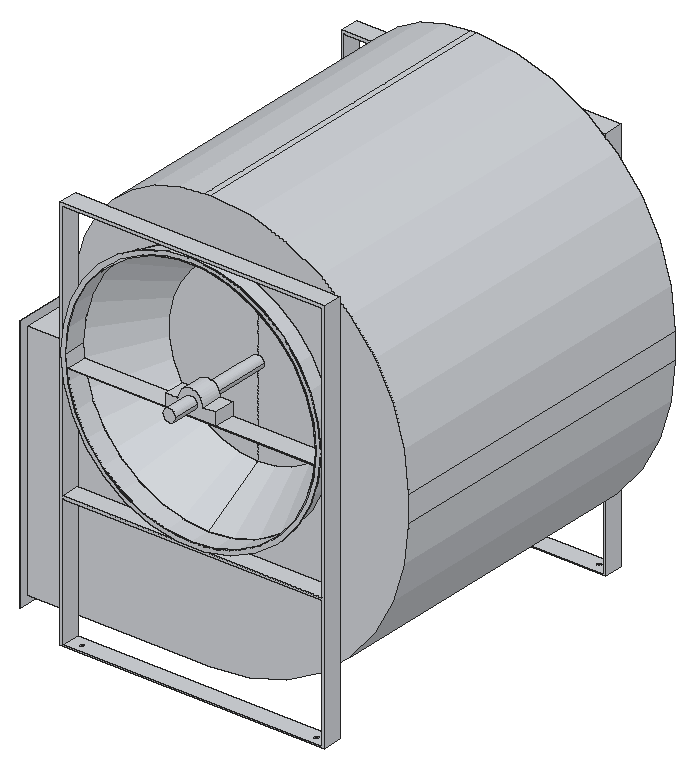
Revit family "CAF_DWDI_CW_BHD", category Mechanical Equipment, Revit 2019 (continued)
Types (59): name | V+(D-(A+.25"))/2 | V | U-N | U | T/2 | T | S/2 | S | R/2 | R | P | N | M | L | K/2 | K | J | INLET/4 | INLET/2 | INLET | H-J | H | G-(R/2) | G-(INLET/2)-1.625" | G+(INLET/2)+1.625" | G | F | E/2 | E | D/2 | D | C/2 | C+C | C | BOTTOM | B/2 | B+.25" | B | A/2 | A+.25" | A | D/7 | Type Comments | -P | -(B+.25")/2 | (M-(B+.25")/2 | (INLET/2)-.125" | (INLET/2)+1.625" | (INLET/2)+1.5" | (D-(A+.25"))/2 | (B+.25")/2 | (A+.25")/2 | ((M+U+U+N+N)-((B+.25")/2))/2
  195_CAF-DWDI_CW_BHD_CLASS_3 | 2 15/16" | 1" | 1 9/16" | 8 1/16" | 15 21/32" | 31 5/16" | 11 1/8" | 22 1/4" | 13 5/8" | 27 1/4" | 42 3/4" | 6 1/2" | 34 9/16" | 17 5/16" | 15/32" | 15/16" | 17" | 6 3/64" | 12 3/32" | 24 3/16" | 15 7/16" | 32 7/16" | 10 1/16" | 10 3/32" | 37 9/32" | 23 11/16" | 38 5/8" | 16 9/32" | 32 9/16" | 11 13/16" | 23 5/8" | 1 3/32" | 4 3/8" | 2 3/16" | 8 1/2" | 14 7/32" | 28 11/16" | 28 7/16" | 9 3/4" | 19 3/4" | 19 1/2" | 2.48684" | "Centrifugal Airfoil Blower Clockwise Bottom Horizontal Arrangement 3 Low Profile Class 3" | -42 3/4" | -14 11/32" | 2 15/16" | 11 31/32" | 13 19/32" | 13 17/32" | 1 15/16" | 14 11/32" | 9 7/8" | 4 1/2"
  210_CAF-DWDI_CW_BHD_CLASS_3 | 2 15/16" | 1" | 1 9/16" | 8 9/16" | 16 5/8" | 33 1/4" | 11 7/8" | 23 3/4" | 14 1/2" | 29" | 45 3/16" | 7" | 36 1/2" | 18 1/4" | 15/32" | 15/16" | 18 5/16" | 6 31/64" | 12 31/32" | 25 15/16" | 16 5/8" | 34 15/16" | 10 13/16" | 10 27/32" | 39 25/32" | 25 5/16" | 41 7/16" | 17 1/4" | 34 1/2" | 12 7/8" | 25 3/4" | 1 3/32" | 4 3/8" | 2 3/16" | 9 5/32" | 15 3/16" | 30 5/8" | 30 3/8" | 10 13/16" | 21 7/8" | 21 5/8" | 2.71053" | "Centrifugal Airfoil Blower Clockwise Bottom Horizontal Arrangement 3 Low Profile Class 3" | -45 3/16" | -15 5/16" | 2 15/16" | 12 27/32" | 14 15/32" | 14 13/32" | 1 15/16" | 15 5/16" | 10 15/16" | 4 1/2"
  225_CAF-DWDI_CW_BHD_CLASS_3 | 3" | 1" | 1 9/16" | 8 9/16" | 17 11/16" | 35 3/8" | 12 3/4" | 25 1/2" | 15 3/8" | 30 3/4" | 47 5/16" | 7" | 38 5/8" | 19 5/16" | 15/32" | 15/16" | 19 9/16" | 6 55/64" | 13 23/32" | 27 7/16" | 17 7/8" | 37 7/16" | 11 1/2" | 11 21/32" | 42 3/32" | 26 7/8" | 44 1/8" | 18 11/32" | 36 11/16" | 13 23/32" | 27 7/16" | 1 3/32" | 4 3/8" | 2 3/16" | 9 25/32" | 16 1/4" | 32 3/4" | 32 1/2" | 11 19/32" | 23 7/16" | 23 3/16" | 2.88816" | "Centrifugal Airfoil Blower Clockwise Bottom Horizontal Arrangement 3 Low Profile Class 3" | -47 5/16" | -16 3/8" | 2 15/16" | 13 19/32" | 15 7/32" | 15 5/32" | 2" | 16 3/8" | 11 23/32" | 4 1/2"
  245_CAF-DWDI_CW_BHD_CLASS_3 | 3 15/16" | 1 15/16" | 9/16" | 7 9/16" | 19 9/32" | 38 9/16" | 13 9/16" | 27 1/8" | 16 15/32" | 32 15/16" | 50 13/16" | 7" | 43 3/16" | 21 5/8" | 17/32" | 1 1/16" | 21 5/16" | 7 23/64" | 14 23/32" | 29 7/16" | 19 3/8" | 40 11/16" | 13 17/32" | 13 25/32" | 46 7/32" | 30" | 48 3/4" | 19 5/8" | 39 1/4" | 14 7/8" | 29 3/4" | 1 7/32" | 4 7/8" | 2 7/16" | 10 21/32" | 17 17/32" | 35 5/16" | 35 1/16" | 12 3/4" | 25 3/4" | 25 1/2" | 3.13158" | "Centrifugal Airfoil Blower Clockwise Bottom Horizontal Arrangement 3 Low Profile Class 3" | -50 13/16" | -17 21/32" | 3 15/16" | 14 19/32" | 16 7/32" | 16 5/32" | 2" | 17 21/32" | 12 7/8" | 4 1/2"
  270_CAF-DWDI_CW_BHD_CLASS_3 | 3 15/16" | 1 15/16" | 9/16" | 7 11/16" | 21 5/32" | 42 5/16" | 14 15/16" | 29 7/8" | 17 27/32" | 35 11/16" | 55 5/16" | 7 1/8" | 47 9/16" | 23 13/16" | 17/32" | 1 1/16" | 23 1/2" | 7 63/64" | 15 31/32" | 31 15/16" | 21 5/16" | 44 13/16" | 14 25/32" | 15 5/32" | 50 3/32" | 32 5/8" | 53 5/16" | 21 13/16" | 43 5/8" | 15 7/8" | 31 3/4" | 1 7/32" | 4 7/8" | 2 7/16" | 11 3/4" | 19 23/32" | 39 11/16" | 39 7/16" | 13 3/4" | 27 3/4" | 27 1/2" | 3.34211" | "Centrifugal Airfoil Blower Clockwise Bottom Horizontal Arrangement 3 Low Profile Class 3" | -55 5/16" | -19 27/32" | 3 15/16" | 15 27/32" | 17 15/32" | 17 13/32" | 2" | 19 27/32" | 13 7/8" | 4 1/2"
  300_CAF-DWDI_CW_BHD_CLASS_3 | 3 15/16" | 1 15/16" | 5/8" | 7 3/4" | 23 1/4" | 46 1/2" | 16 7/16" | 32 7/8" | 19 11/32" | 38 11/16" | 58 7/8" | 7 1/8" | 51 1/8" | 25 9/16" | 17/32" | 1 1/16" | 26 1/16" | 8 47/64" | 17 15/32" | 34 15/16" | 23 11/16" | 49 3/4" | 16 15/32" | 16 27/32" | 54 25/32" | 35 13/16" | 58 3/4" | 23 19/32" | 47 3/16" | 17 23/32" | 35 7/16" | 1 7/32" | 4 7/8" | 2 7/16" | 13 1/32" | 21 1/2" | 43 1/4" | 43" | 15 19/32" | 31 7/16" | 31 3/16" | 3.73026" | "Centrifugal Airfoil Blower Clockwise Bottom Horizontal Arrangement 3 Low Profile Class 3" | -58 7/8" | -21 5/8" | 3 15/16" | 17 11/32" | 18 31/32" | 18 29/32" | 2" | 21 5/8" | 15 23/32" | 4 9/16"
  330_CAF-DWDI_CW_BHD_CLASS_3 | 4 15/16" | 2 7/8" | -3/8" | 6 3/4" | 25 7/8" | 51 3/4" | 17 5/8" | 35 1/4" | 21 1/8" | 42 1/4" | 64" | 7 1/8" | 57 1/4" | 28 5/8" | 17/32" | 1 1/16" | 28 11/16" | 9 31/64" | 18 31/32" | 37 15/16" | 26 1/16" | 54 3/4" | 18 7/8" | 19 17/32" | 60 15/32" | 40" | 65 1/4" | 25 21/32" | 51 5/16" | 19 7/16" | 38 7/8" | 1 7/32" | 4 7/8" | 2 7/16" | 14 11/32" | 23 17/32" | 47 5/16" | 47 1/16" | 17 1/4" | 34 3/4" | 34 1/2" | 4.09211" | "Centrifugal Airfoil Blower Clockwise Bottom Horizontal Arrangement 3 Low Profile Class 3" | -64" | -23 21/32" | 4 31/32" | 18 27/32" | 20 15/32" | 20 13/32" | 2 1/16" | 23 21/32" | 17 3/8" | 4 19/32"
  365_CAF-DWDI_CW_BHD_CLASS_3 | 5" | 2 7/16" | 1/8" | 7 3/4" | 28 7/16" | 56 7/8" | 19 1/2" | 39" | 23" | 46" | 70 1/8" | 7 5/8" | 62 3/8" | 31 3/16" | 17/32" | 1 1/16" | 31 3/4" | 10 23/64" | 20 23/32" | 41 7/16" | 28 3/4" | 60 1/2" | 20 3/4" | 21 17/32" | 65 31/32" | 43 3/4" | 71 11/16" | 28 23/32" | 57 7/16" | 22 1/32" | 44 1/16" | 1 15/32" | 5 7/8" | 2 15/16" | 15 7/8" | 26 3/32" | 52 7/16" | 52 3/16" | 19 11/32" | 38 15/16" | 38 11/16" | 4.63816" | "Centrifugal Airfoil Blower Clockwise Bottom Horizontal Arrangement 3 Low Profile Class 3" | -70 1/8" | -26 7/32" | 4 31/32" | 20 19/32" | 22 7/32" | 22 5/32" | 2 9/16" | 26 7/32" | 19 15/32" | 5 3/32"
  402_CAF-DWDI_CW_BHD_CLASS_3 | 6" | 3 7/16" | 5/8" | 10 3/4" | 31 3/4" | 63 1/2" | 21" | 42" | 25 9/32" | 50 9/16" | 80 3/4" | 10 1/8" | 70" | 35" | 17/32" | 1 1/16" | 34 15/16" | 11 19/64" | 22 19/32" | 45 3/16" | 31 11/16" | 66 5/8" | 23 11/32" | 24 17/32" | 72 23/32" | 48 5/8" | 79 7/16" | 31 17/32" | 63 1/16" | 23 9/16" | 47 1/8" | 1 23/32" | 6 7/8" | 3 7/16" | 17 15/32" | 28 29/32" | 58 1/16" | 57 13/16" | 20 7/8" | 42" | 41 3/4" | 4.96053" | "Centrifugal Airfoil Blower Clockwise Bottom Horizontal Arrangement 3 Low Profile Class 3" | -80 3/4" | -29 1/32" | 5 31/32" | 22 15/32" | 24 3/32" | 24 1/32" | 2 9/16" | 29 1/32" | 21" | 6 19/32"
  445_CAF-DWDI_CW_BHD_CLASS_3 | 6" | 3 7/16" | 5/8" | 10 3/4" | 35" | 70" | 23 1/8" | 46 1/4" | 27 13/32" | 54 13/16" | 87 1/4" | 10 1/8" | 76 1/2" | 38 1/4" | 17/32" | 1 1/16" | 38 11/16" | 12 23/64" | 24 23/32" | 49 7/16" | 35 1/16" | 73 3/4" | 25 27/32" | 27 1/32" | 79 15/32" | 53 1/4" | 87 5/16" | 34 25/32" | 69 9/16" | 25 21/32" | 51 5/16" | 1 23/32" | 6 7/8" | 3 7/16" | 19 11/32" | 32 1/8" | 64 1/2" | 64 1/4" | 22 31/32" | 46 3/16" | 45 15/16" | 5.40132" | "Centrifugal Airfoil Blower Clockwise Bottom Horizontal Arrangement 3 Low Profile Class 3" | -87 1/4" | -32 1/4" | 6" | 24 19/32" | 26 7/32" | 26 5/32" | 2 9/16" | 32 1/4" | 23 3/32" | 6 5/8"
  490_CAF-DWDI_CW_BHD_CLASS_3 | 8" | 5 7/16" | -1 3/8" | 12 1/8" | 38 7/16" | 76 7/8" | 25" | 50" | 30" | 60" | 98 1/2" | 13 1/2" | 86 3/8" | 43 3/16" | 17/32" | 1 1/16" | 42 5/8" | 13 3/4" | 27 1/2" | 55" | 38 1/2" | 81 1/8" | 30" | 31" | 89" | 60" | 97 1/2" | 37 23/32" | 75 7/16" | 28 3/16" | 56 3/8" | 1 31/32" | 7 7/8" | 3 15/16" | 21 5/16" | 35 1/16" | 70 3/8" | 70 1/8" | 25 1/2" | 51 1/4" | 51" | 5.93421" | "Centrifugal Airfoil Blower Clockwise Bottom Horizontal Arrangement 3 Low Profile Class 3" | -98 1/2" | -35 3/16" | 8" | 27 3/8" | 29" | 28 15/16" | 2 9/16" | 35 3/16" | 25 5/8" | 6 5/8"
  540_CAF-DWDI_CW_BHD_CLASS_3 | 8 1/16" | 5 7/16" | 5/8" | 16 3/8" | 42 13/32" | 84 13/16" | 27 1/2" | 55" | 32 1/2" | 65" | 110 11/16" | 15 3/4" | 94 5/16" | 47 1/8" | 19/32" | 1 3/16" | 47" | 15" | 30" | 60" | 42 7/16" | 89 7/16" | 32 13/16" | 33 13/16" | 96 13/16" | 65 5/16" | 106 11/16" | 41 11/16" | 83 3/8" | 30 5/8" | 61 1/4" | 2 7/32" | 8 7/8" | 4 7/16" | 23 1/2" | 38 31/32" | 78 3/16" | 77 15/16" | 27 7/8" | 56" | 55 3/4" | 6.44737" | "Centrifugal Airfoil Blower Clockwise Bottom Horizontal Arrangement 3 Low Profile Class 3" | -110 11/16" | -39 3/32" | 8 1/16" | 29 7/8" | 31 1/2" | 31 7/16" | 2 5/8" | 39 3/32" | 28" | 8 11/16"
  600_CAF-DWDI_CW_BHD_CLASS_3 | 8 3/32" | 5 7/16" | 1/8" | 16" | 46 9/16" | 93 1/8" | 30 1/2" | 61" | 35 1/2" | 71" | 118 5/8" | 15 7/8" | 102 5/8" | 51 5/16" | 19/32" | 1 3/16" | 52 3/16" | 16 1/2" | 33" | 66" | 47 1/8" | 99 5/16" | 36 3/16" | 37 3/16" | 106 3/16" | 71 11/16" | 117 5/8" | 45 27/32" | 91 11/16" | 33 7/8" | 67 3/4" | 2 15/32" | 9 7/8" | 4 15/16" | 26 3/32" | 43 1/8" | 86 1/2" | 86 1/4" | 31 3/32" | 62 7/16" | 62 3/16" | 7.13158" | "Centrifugal Airfoil Blower Clockwise Bottom Horizontal Arrangement 3 Low Profile Class 3" | -118 5/8" | -43 1/4" | 8 1/16" | 32 7/8" | 34 1/2" | 34 7/16" | 2 21/32" | 43 1/4" | 31 7/32" | 8 3/16"
